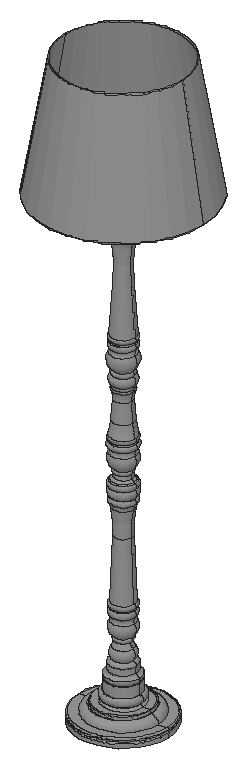
Revit family "Торшер", category Оборудование, Revit 2017
Family settings
  Размер круглого соединителя = Использовать диаметр
  Тип детали = Нормальный
  На основе рабочей плоскости = Нет
  Всегда вертикально = Да
  При загрузке вырезать с полостями = Нет
  Общий = Нет
  Точка расчета площади = Нет
Parameters
  Ширина = 465.0 mm
  Число полюсов = 1
  Примечание = ""
  Обозначение = ""
  Напряжение = 220 V
  Наименование = "Торшер"
  Мощность номинальная = 15 W
  Масса = ""
  Код оборудования = ""
  Keynote = ""
  Изготовитель = "Severin"
  Задание = "ЭМ"
  Завод = ""
  Единицы = "шт."
  Группа модели = "ТХ"  # constant formula
  Глубина = 465.0 mm
  Высота = 1700.0 mm
Reference planes
  plane 1 "По центру (Вперед/Назад)": y = 0
  plane 2: z = 0
  plane 3 "По центру (Влево/Вправо)": x = 0
  plane 4: z = 1700
Forms (mm)
  Revolve 1, solid, material "Дуб, красный", detail levels medium+fine
    sketch origin (0, 0, 0) x (1, 0, 0) y (0, 0, 1)
      loop
        line (0, 0) -> (0, 1405.514) -> (-6.702, 1405.514)
        arc (-6.702, 1405.514) -> (-13.773, 1402.585) -> (-16.702, 1395.514) r 10
        line (-16.702, 1395.514) -> (-16.702, 1340.451)
        arc (-16.702, 1340.451) -> (-19.202, 1337.059) -> (-16.077, 1334.233) r 3.141
        line (-16.077, 1334.233) -> (-34.884, 1334.233)
        spline (-34.884, 1334.233) -> (-38.922, 1333.673) -> (-42.111, 1332.169) -> (-44.402, 1329.985) -> (-45.746, 1327.385) -> (-46.098, 1324.633) -> (-45.407, 1321.993) -> (-43.68, 1319.66) -> (-41.151, 1317.532) -> (-38.12, 1315.423) -> (-34.886, 1313.148) -> (-31.748, 1310.521) -> (-29.006, 1307.359)
        arc (-29.006, 1307.359) -> (-24.527, 1293.091) -> (-29.006, 1278.823) r 24.968
        arc (-29.006, 1278.823) -> (-30.329, 1274.606) -> (-29.006, 1270.389) r 7.379
        arc (-29.006, 1270.389) -> (-31.316, 1265.389) -> (-29.006, 1260.389) r 6.566
        spline (-29.006, 1260.389) -> (-31.463, 1253.73) -> (-29.027, 1244.588) -> (-25.138, 1230.953) -> (-22.649, 1211.425) -> (-21.859, 1187.236) -> (-22.38, 1160.329) -> (-23.824, 1132.646) -> (-25.805, 1105.922) -> (-27.953, 1080.054) -> (-29.907, 1053.989) -> (-31.307, 1026.667) -> (-31.791, 997.026)
        arc (-31.791, 997.026) -> (-35.453, 992.026) -> (-31.791, 987.026) r 5.245
        line (-31.791, 987.026) -> (-31.791, 980.564) -> (-33.072, 979.284)
        arc (-33.072, 979.284) -> (-35.546, 973.331) -> (-34.143, 967.038) r 10.679
        arc (-34.143, 967.038) -> (-32.124, 959.603) -> (-34.079, 952.151) r 14.939
        arc (-34.079, 952.151) -> (-37.949, 928.262) -> (-24.988, 907.824) r 34.086
        arc (-24.988, 907.824) -> (-29.334, 902.698) -> (-27.675, 896.185) r 7.329
        arc (-27.675, 896.185) -> (-34.3, 883.35) -> (-27.675, 870.515) r 15.746
        arc (-27.675, 870.515) -> (-29.224, 866.715) -> (-27.675, 862.915) r 5.435
        arc (-27.675, 862.915) -> (-29.226, 859.806) -> (-28.832, 856.354) r 6.116
        arc (-28.832, 856.354) -> (-25.259, 844.291) -> (-24.491, 831.734) r 55.568
        line (-24.491, 831.734) -> (-27.37, 776.809)
        arc (-27.37, 776.809) -> (-29.682, 757.33) -> (-34.531, 738.322) r 149.156
        arc (-34.531, 738.322) -> (-36.903, 732.827) -> (-32.795, 728.474) r 5.444
        line (-32.795, 728.474) -> (-32.795, 721.811) -> (-34.886, 721.811)
        arc (-34.886, 721.811) -> (-38.964, 715.438) -> (-34.886, 709.065) r 7.018
        arc (-34.886, 709.065) -> (-32.98, 701.43) -> (-34.426, 693.694) r 18.463
        arc (-34.426, 693.694) -> (-36.179, 670.665) -> (-21.913, 652.502) r 31.862
        arc (-21.913, 652.502) -> (-25.416, 647.789) -> (-22.784, 642.54) r 5.599
        line (-22.784, 642.54) -> (-23.749, 631.517)
        arc (-23.749, 631.517) -> (-26.528, 627.224) -> (-30.82, 624.445) r 12.212
        line (-30.82, 624.445) -> (-33.662, 621.604)
        arc (-33.662, 621.604) -> (-37.432, 614.104) -> (-33.662, 606.604) r 9.344
        arc (-33.662, 606.604) -> (-37.665, 593.518) -> (-30.615, 581.79) r 16.815
        line (-30.615, 581.79) -> (-32.028, 580.377)
        arc (-32.028, 580.377) -> (-35.455, 574.393) -> (-34.281, 567.598) r 10.179
        arc (-34.281, 567.598) -> (-31.124, 560.766) -> (-29.151, 553.502) r 44.97
        arc (-29.151, 553.502) -> (-24.514, 516.793) -> (-23.997, 479.795) r 331.451
        line (-23.997, 479.795) -> (-31.115, 309.944)
        arc (-31.115, 309.944) -> (-35.35, 303.409) -> (-31.115, 296.875) r 7.158
        line (-31.115, 296.875) -> (-31.115, 293.377)
        arc (-31.115, 293.377) -> (-35.131, 284.761) -> (-32.672, 275.579) r 13.901
        arc (-32.672, 275.579) -> (-29.852, 267.726) -> (-31.404, 259.527) r 15.877
        arc (-31.404, 259.527) -> (-34.81, 236.89) -> (-19.954, 219.473) r 27.591
        arc (-19.954, 219.473) -> (-24.954, 214.473) -> (-19.954, 209.473) r 5
        line (-19.954, 209.473) -> (-26.263, 192.139)
        arc (-26.263, 192.139) -> (-32.882, 177.139) -> (-26.263, 162.139) r 20.306
        arc (-26.263, 162.139) -> (-33.763, 159.033) -> (-36.87, 151.533) r 10.607
        line (-36.87, 151.533) -> (-36.87, 134.05)
        arc (-36.87, 134.05) -> (-39.749, 127.098) -> (-46.7, 124.219) r 9.83
        arc (-46.7, 124.219) -> (-46.262, 116.6) -> (-41.7, 110.482) r 13.272
        line (-41.7, 110.482) -> (-46.7, 110.482) -> (-46.7, 81.719) -> (-49.442, 81.719)
        spline (-49.442, 81.719) -> (-51.198, 81.378) -> (-52.833, 80.379) -> (-54.238, 78.79) -> (-55.316, 76.719) -> (-55.993, 74.307) -> (-56.225, 71.719) -> (-55.993, 69.131) -> (-55.316, 66.719) -> (-54.238, 64.648) -> (-52.833, 63.059) -> (-51.198, 62.06) -> (-49.442, 61.719)
        line (-49.442, 61.719) -> (-49.442, 59.099)
        arc (-49.442, 59.099) -> (-51.26, 54.71) -> (-55.649, 52.892) r 6.207
        line (-55.649, 52.892) -> (-76.286, 52.892)
        arc (-76.286, 52.892) -> (-77.309, 52.468) -> (-77.733, 51.445) r 1.447
        line (-77.733, 51.445) -> (-77.733, 43.641) -> (-81.359, 43.641)
        arc (-81.359, 43.641) -> (-94.982, 37.998) -> (-100.625, 24.375) r 19.266
        line (-100.625, 24.375) -> (-126.382, 24.375)
        arc (-126.382, 24.375) -> (-128.94, 23.315) -> (-130, 20.757) r 3.618
        line (-130, 20.757) -> (-130, 16.691)
        arc (-130, 16.691) -> (-127.5, 14.191) -> (-130, 11.691) r 2.5
        line (-130, 11.691) -> (-130, 0) -> (0, 0)
      axis (0, 1405.514) -> (0, 0)
    angle from 0 to 360
  Revolve 2, solid, material "Полотно, бежевое"
    sketch origin (0, 0, 0) x (1, 0, 0) y (0, 0, 1)
      loop
        arc (-232.5, 1360) -> (-231.689, 1358.842) -> (-230.53, 1359.653) r 1
        line (-230.53, 1359.653) -> (-168.885, 1709.259)
        arc (-168.885, 1709.259) -> (-169.696, 1710.418) -> (-170.855, 1709.607) r 1
        line (-170.855, 1709.607) -> (-232.5, 1360)
      axis (0, 1359.653) -> (0, 1709.607)
    angle from 0 to 360
  Extrusion 3, solid
    sketch origin (0, 0, 0) x (1, 0, 0) y (0, 1, 0)
      loop
        circle (0, 0) r 5
    from 0 to 10
Lines and regions (mm)
  symbolic lines, detail levels coarse+medium
    curve 1: circle (0, 0, 0) r 16.077 normal (0, 0, 1)
Dimensions and locks
  "Высота": plane 4 to plane 2
  aligned and locked: level to plane 2
Automatic sketch dimensions
  Revolve 1 sketch curve to level = 0.0 mm
  Revolve 1 sketch curve to plane 3 "По центру (Влево/Вправо)" = 355.158 mm
  Revolve 1 sketch curve to Revolve 1 sketch curve = 178.836 mm
  level to Revolve 1 sketch curve = 11.691 mm
  Revolve 1 sketch curve to Revolve 1 sketch curve = 225.158 mm
  Revolve 1 sketch curve to Revolve 1 sketch curve = 3.618 mm
  Revolve 1 sketch curve to Revolve 1 sketch curve = 25.757 mm
  Revolve 1 sketch curve to Revolve 1 sketch curve = 19.266 mm
  Revolve 1 sketch curve to Revolve 1 sketch curve = 96.339 mm
  Revolve 1 sketch curve to Revolve 1 sketch curve = 3.626 mm
  Revolve 1 sketch curve to Revolve 1 sketch curve = 1.447 mm
  Revolve 1 sketch curve to Revolve 1 sketch curve = 102.939 mm
  Revolve 1 sketch curve to Revolve 1 sketch curve = 20.636 mm
  Revolve 1 sketch curve to Revolve 1 sketch curve = 28.548 mm
  Revolve 1 sketch curve to Revolve 1 sketch curve = 30.488 mm
  Revolve 1 sketch curve to Revolve 1 sketch curve = 6.207 mm
  Revolve 1 sketch curve to Revolve 1 sketch curve = 32.92 mm
  Revolve 1 sketch curve to Revolve 1 sketch curve = 2.742 mm
  Revolve 1 sketch curve to Revolve 1 sketch curve = 0.0 mm  (x9)
  Revolve 1 sketch curve to Revolve 1 sketch curve = 1.021 mm
  Revolve 1 sketch curve to Revolve 1 sketch curve = 5.0 mm  (x4)
  Revolve 1 sketch curve to Revolve 1 sketch curve = 9.83 mm
  Revolve 1 sketch curve to Revolve 1 sketch curve = 16.272 mm
  Revolve 1 sketch curve to Revolve 1 sketch curve = 16.549 mm
  Revolve 1 sketch curve to Revolve 1 sketch curve = 14.611 mm
  Revolve 1 sketch curve to Revolve 1 sketch curve = 3.08 mm
  Revolve 1 sketch curve to Revolve 1 sketch curve = 1.501 mm
  Revolve 1 sketch curve to Revolve 1 sketch curve = 13.991 mm
  Revolve 1 sketch curve to Revolve 1 sketch curve = 2.091 mm
  Revolve 1 sketch curve to Revolve 1 sketch curve = 1.634 mm
  Revolve 1 sketch curve to Revolve 1 sketch curve = 0.849 mm
  Revolve 1 sketch curve to Revolve 1 sketch curve = 1.281 mm  (x2)
  Revolve 1 sketch curve to Revolve 1 sketch curve = 1.253 mm
  level to Revolve 1 sketch curve = 309.944 mm
  Revolve 1 sketch curve to Revolve 1 sketch curve = 14.565 mm
  Revolve 1 sketch curve to Revolve 1 sketch curve = 2.842 mm  (x2)
  Revolve 1 sketch curve to Revolve 1 sketch curve = 1.413 mm  (x2)
  Revolve 1 sketch curve to Revolve 1 sketch curve = 1.583 mm
  Revolve 1 sketch curve to Revolve 1 sketch curve = 20.489 mm  (x2)
  Revolve 1 sketch curve to Revolve 1 sketch curve = 2.922 mm
  Revolve 1 sketch curve to Revolve 1 sketch curve = 5.574 mm
  Revolve 1 sketch curve to Revolve 1 sketch curve = 4.172 mm
  Revolve 1 sketch curve to Revolve 1 sketch curve = 10.607 mm
  level to Revolve 1 sketch curve = 192.139 mm
  Revolve 1 sketch curve to Revolve 1 sketch curve = 6.597 mm
  Revolve 1 sketch curve to Revolve 1 sketch curve = 6.884 mm  (x2)
  Revolve 1 sketch curve to Revolve 1 sketch curve = 4.256 mm  (x2)
  Revolve 1 sketch curve to Revolve 1 sketch curve = 2.878 mm
  level to Revolve 1 sketch curve = 479.795 mm
  Revolve 1 sketch curve to Revolve 1 sketch curve = 49.386 mm
  Revolve 1 sketch curve to Revolve 1 sketch curve = 0.702 mm
  Revolve 1 sketch curve to Revolve 1 sketch curve = 7.071 mm  (x2)
  Revolve 1 sketch curve to Revolve 1 sketch curve = 0.587 mm
  Revolve 1 sketch curve to Revolve 1 sketch curve = 1.8 mm
  Revolve 1 sketch curve to Revolve 1 sketch curve = 0.964 mm
  Revolve 1 sketch curve to Revolve 1 sketch curve = 1.597 mm
  Revolve 1 sketch curve to Revolve 1 sketch curve = 9.832 mm
  Revolve 1 sketch curve to Revolve 1 sketch curve = 9.64 mm
  level to Revolve 1 sketch curve = 209.473 mm
  Revolve 1 sketch curve to Revolve 1 sketch curve = 6.309 mm
  Revolve 1 sketch curve to Revolve 1 sketch curve = 2.946 mm
  Revolve 1 sketch curve to Revolve 1 sketch curve = 5.235 mm
  Revolve 1 sketch curve to Revolve 1 sketch curve = 18.181 mm
  Revolve 1 sketch curve to Revolve 1 sketch curve = 0.625 mm
  Revolve 1 sketch curve to Revolve 1 sketch curve = 13.688 mm
  Revolve 1 sketch curve to Revolve 1 sketch curve = 11.672 mm
  Revolve 1 sketch curve to Revolve 1 sketch curve = 10.0 mm
  Revolve 1 sketch curve to Revolve 1 sketch curve = 14.146 mm
  Revolve 1 sketch curve to Revolve 1 sketch curve = 17.635 mm
  Revolve 1 sketch curve to Revolve 1 sketch curve = 6.702 mm
  Revolve 1 sketch curve to Revolve 1 sketch curve = 2.5 mm
  Revolve 1 sketch curve to Revolve 1 sketch curve = 4.067 mm
  Revolve 1 sketch curve to Revolve 1 sketch curve = 7.804 mm
  Revolve 1 sketch curve to Revolve 1 sketch curve = 2.62 mm
  Revolve 1 sketch curve to Revolve 1 sketch curve = 20.0 mm
  Revolve 1 sketch curve to Revolve 1 sketch curve = 28.763 mm
  Revolve 1 sketch curve to Revolve 1 sketch curve = 10.658 mm
  Revolve 1 sketch curve to Revolve 1 sketch curve = 17.483 mm
  Revolve 1 sketch curve to Revolve 1 sketch curve = 25.0 mm
  Revolve 1 sketch curve to Revolve 1 sketch curve = 22.002 mm
  Revolve 1 sketch curve to Revolve 1 sketch curve = 26.394 mm
  Revolve 1 sketch curve to Revolve 1 sketch curve = 9.827 mm
  Revolve 1 sketch curve to Revolve 1 sketch curve = 3.499 mm
  Revolve 1 sketch curve to Revolve 1 sketch curve = 13.877 mm
  Revolve 1 sketch curve to Revolve 1 sketch curve = 65.59 mm
  Revolve 1 sketch curve to Revolve 1 sketch curve = 19.123 mm
  Revolve 1 sketch curve to Revolve 1 sketch curve = 7.751 mm
  Revolve 1 sketch curve to Revolve 1 sketch curve = 13.778 mm
  Revolve 1 sketch curve to Revolve 1 sketch curve = 18.536 mm
  Revolve 1 sketch curve to Revolve 1 sketch curve = 7.5 mm
  Revolve 1 sketch curve to Revolve 1 sketch curve = 11.024 mm
  Revolve 1 sketch curve to Revolve 1 sketch curve = 4.761 mm
  Revolve 1 sketch curve to Revolve 1 sketch curve = 32.625 mm
  Revolve 1 sketch curve to Revolve 1 sketch curve = 20.952 mm
  Revolve 1 sketch curve to Revolve 1 sketch curve = 14.56 mm
  Revolve 1 sketch curve to Revolve 1 sketch curve = 6.373 mm
  Revolve 1 sketch curve to Revolve 1 sketch curve = 6.663 mm
  Revolve 1 sketch curve to Revolve 1 sketch curve = 5.298 mm
  Revolve 1 sketch curve to Revolve 1 sketch curve = 43.037 mm
  Revolve 1 sketch curve to Revolve 1 sketch curve = 7.806 mm
  Revolve 1 sketch curve to Revolve 1 sketch curve = 54.925 mm
  Revolve 1 sketch curve to Revolve 1 sketch curve = 2.908 mm
  Revolve 1 sketch curve to Revolve 1 sketch curve = 27.01 mm
  Revolve 1 sketch curve to Revolve 1 sketch curve = 7.971 mm
  Revolve 1 sketch curve to Revolve 1 sketch curve = 16.635 mm
  Revolve 1 sketch curve to Revolve 1 sketch curve = 17.699 mm
  Revolve 1 sketch curve to Revolve 1 sketch curve = 34.06 mm
  Revolve 1 sketch curve to Revolve 1 sketch curve = 24.429 mm
  Revolve 1 sketch curve to Revolve 1 sketch curve = 12.861 mm
  Revolve 1 sketch curve to Revolve 1 sketch curve = 6.462 mm
  Revolve 1 sketch curve to Revolve 1 sketch curve = 263.363 mm
  Revolve 1 sketch curve to Revolve 1 sketch curve = 9.217 mm
  Revolve 1 sketch curve to Revolve 1 sketch curve = 18.485 mm
  Revolve 1 sketch curve to Revolve 1 sketch curve = 14.268 mm
  Revolve 1 sketch curve to Revolve 1 sketch curve = 26.874 mm
  Revolve 1 sketch curve to Revolve 1 sketch curve = 3.141 mm
  Revolve 1 sketch curve to Revolve 1 sketch curve = 55.063 mm
  Revolve 1 sketch curve to Revolve 1 sketch curve = 2.94 mm
  Revolve 1 sketch curve to Revolve 1 sketch curve = 0.459 mm
  Revolve 1 sketch curve to Revolve 1 sketch curve = 0.065 mm
  Revolve 1 sketch curve to Revolve 1 sketch curve = 5.483 mm
  Revolve 1 sketch curve to Revolve 1 sketch curve = 3.886 mm  (x2)
  Revolve 1 sketch curve to Revolve 1 sketch curve = 74.486 mm
  Revolve 1 sketch curve to Revolve 1 sketch curve = 40.0 mm
  Revolve 2 sketch curve to plane 3 "По центру (Влево/Вправо)" = 232.5 mm
  Revolve 2 sketch curve to Revolve 2 sketch curve = 0.985 mm  (x4)
  Revolve 2 sketch curve to Revolve 2 sketch curve = 61.645 mm
  level to Revolve 2 sketch curve = 1359.653 mm
  Revolve 2 sketch curve to Revolve 2 sketch curve = 0.174 mm  (x2)
  Revolve 2 sketch curve to Revolve 2 sketch curve = 349.607 mm
  Revolve 2 sketch curve to Revolve 2 sketch curve = 230.53 mm
  Revolve 2 sketch curve to Revolve 2 sketch curve = 164.453 mm
  Revolve 2 sketch curve to Revolve 2 sketch curve = 95.541 mm
  plane 1 "По центру (Вперед/Назад)" to Extrusion 3 sketch curve = 0.0 mm
  Extrusion 3 sketch curve to plane 3 "По центру (Влево/Вправо)" = 0.0 mm
  plane 1 "По центру (Вперед/Назад)" to curve 1 = 0.0 mm
  curve 1 to plane 3 "По центру (Влево/Вправо)" = 0.0 mm
  radius of Extrusion 3 sketch curve = 5.0 mm
  radius of curve 1 = 16.077 mm
Connectors
  electrical at (0, 0, 0), driven by "Напряжение", driven by "Мощность номинальная"
    settings: on Extrusion 3, index 1, voltage 220 V, apparent load 15 VA, apparent load phase1 0 VA, apparent load phase2 0 VA, apparent load phase3 0 VA, power factor 1, load classification "Прочее", number of poles 1, system type 30, power factor state 1, is connector primary yes, connector utility no, sub classification motor no, connector description ""
